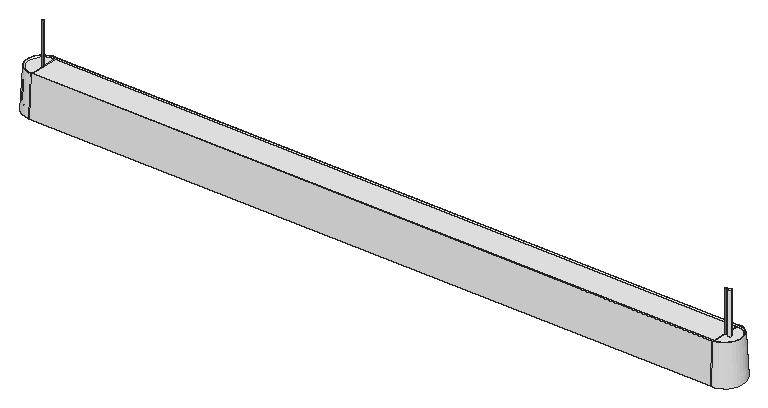
Revit family "Lighting_Pendants_Focus-Lighting_Pelee-Line_1800", category Lighting Fixtures, host Ceiling, Revit 2017
Family settings
  Host = Ceiling
  Round Connector Dimension = Use Diameter
  Part Type = Normal
  OmniClass Number = 23.80.70.11
  OmniClass Title = Luminaries for Internal Lighting
  Always vertical = Yes
  Cut with Voids When Loaded = No
  Light Source = Yes
  Shared = No
  Room Calculation Point = No
Parameters (values of type "Pelee line 1800mm 3000lm, 100% downwards")
  Weight = "Ca 7kg."
  Wattage = 20.1963 W
  WarrantyStartDate [instance] = "n/a"
  WarrantyGuarantorParts = "n/a"
  WarrantyGuarantorLabor = "n/a"
  WarrantyDurationUnit = "Years"
  WarrantyDurationParts = "n/a"
  WarrantyDurationLabor = "n/a"
  WarrantyDescription = "n/a"
  built-in parameter 1150110 = 1 (stored number, unit not read)
  VersionDate = "19/06/2019"  # constant formula
  Version = "1"  # constant formula
  UsageCurrent = 0 A
  Uniclass2015Reference = "Pr_70_70_48_86"
  Uniclass2015Description = "Suspended luminaires"
  Uniclass2 = "Pr_70_70_49_86"
  URL = "https://www.focus-lighting.dk/products/pel%C3%A9e-line/pel%C3%A9e-1800/"
  TotalWattage = 56 W
  built-in parameter 1114217 = 1 (stored number, unit not read)
  Tilt Angle = 90.00°
  built-in parameter 1150109 = 1 (stored number, unit not read)
  built-in parameter 1150134 = (empty or 0)
  TagNumber [instance] = "n/a"
  SustainabilityPerformance = "n/a"
  built-in parameter 1150113 = 1 (stored number, unit not read)
  Size = "1800x92x100 mm"
  Shape = "Sculptured"
  SerialNumber [instance] = "n/a"
  Revision = "n/a"
  ReplacementCost = "n/a"
  ProductInformation = "The inner conical circles of the Pelée luminaires contribute to a comfortable, non-glaring spread of light."
  ProductDatasheet = "https://www.focus-lighting.dk/media/244065/pelee_line_eng.pdf"
  Photometric Web File = "pelée Line 1800 930 9000lm 35-65 Prismatisk.IES"
  PhaseReference = "n/a"
  PhaseAngle = 0.00°
  NumberOfSources = 0
  NumberOfPoles = 1
  built-in parameter 1150142 = "IESNA:LM-63-2002\r\n[TEST] VFR-181116-0241-MS\r\n[TESTLAB] FocusLighting/PhotoFiler/2013.12.0.2/EULumdat 1\r\n[TESTDATE] 16 Nov 2018\r\n[ISSUEDATE] 16 Nov 2018\r\n[MANUFAC] FocusLighting/PhotoFiler/2013.12.0.2/EULumdat 1\r\n[LUMCAT] Pelée Line 1800 930 9000lm 35-65 Prismatic\r\n[LUMINAIRE] Pelée Line 1800 930 9000lm 35-65 Prismatic\r\n[FLASHAREA] 0.030143\r\n[LAMPCAT] LED\r\n[LAMP] LED\r\nTILT=NONE\r\n1 9000.00 1.0 37 10 1 2 0.070 1.780 0.000\r\n1.00 1.00 76.80\r\n0.00 5.00 10.00 15.00 20.00 25.00 30.00 35.00 40.00 45.00 \r\n50.00 55.00 60.00 65.00 70.00 75.00 80.00 85.00 90.00 \r\n95.00 100.00 105.00 110.00 115.00 120.00 125.00 130.00 \r\n135.00 140.00 145.00 150.00 155.00 160.00 165.00 170.00 \r\n175.00 180.00 \r\n0.00 10.00 20.00 30.00 40.00 50.00 60.00 70.00 80.00 \r\n90.00 \r\n2221.02 2209.59 2177.64 2121.12 2038.23 1926.27 1793.07 \r\n1630.35 1424.25 1125.27 815.24 608.76 457.53 346.68 \r\n269.32 206.49 143.69 69.94 18.35 33.95 85.43 151.87 \r\n222.42 294.77 369.48 442.58 513.37 580.44 645.51 707.47 \r\n769.10 822.16 861.79 895.19 924.03 940.77 945.54 \r\n2221.02 2209.68 2176.29 2119.14 2034.27 1922.49 1787.49 \r\n1626.48 1416.96 1122.21 823.28 608.40 454.01 346.26 \r\n278.15 213.37 141.53 54.90 27.39 34.57 86.41 151.60 \r\n221.99 293.83 367.16 438.98 509.26 578.22 644.02 705.66 \r\n765.74 819.47 861.97 895.54 922.23 939.24 945.54 \r\n2221.02 2210.76 2176.47 2117.34 2030.76 1917.81 1779.39 \r\n1614.69 1409.31 1121.58 819.44 600.68 453.05 345.71 \r\n265.12 190.75 109.44 31.37 15.19 36.80 87.67 151.51 \r\n221.98 293.23 364.81 436.68 507.04 575.64 641.03 703.03 \r\n761.84 815.00 858.68 892.63 920.79 939.24 945.54 \r\n2221.02 2209.41 2174.13 2112.48 2023.92 1908.09 1767.42 \r\n1601.19 1396.89 1115.01 817.01 597.44 447.93 335.19 \r\n244.90 164.45 79.98 22.26 14.91 33.35 85.04 147.65 217.36 \r\n288.72 360.21 432.03 501.64 570.02 636.18 699.15 756.56 \r\n809.67 856.35 892.23 920.16 938.88 945.54 \r\n2221.02 2209.68 2173.23 2108.97 2016.99 1897.20 1752.66 \r\n1585.98 1383.48 1102.59 808.16 582.58 421.98 307.06 \r\n217.58 135.68 59.73 19.06 11.44 33.45 82.68 144.43 211.86 \r\n283.37 355.57 425.54 495.41 564.00 630.41 693.78 753.25 \r\n806.56 852.79 890.41 919.80 939.96 945.54 \r\n2221.02 2208.33 2169.45 2103.39 2007.27 1884.69 1738.08 \r\n1569.69 1364.94 1075.86 781.58 563.82 402.17 282.91 \r\n194.43 115.02 46.64 17.32 12.88 29.91 78.90 139.80 206.59 \r\n275.68 347.89 420.04 488.34 557.05 624.73 689.15 748.61 \r\n802.67 850.18 889.43 919.35 938.88 945.54 \r\n2221.02 2206.62 2166.48 2096.82 1998.09 1872.36 1723.59 \r\n1553.31 1342.35 1045.35 753.92 544.32 387.88 268.10 \r\n176.21 100.26 42.22 16.08 10.49 29.83 76.71 136.03 201.36 \r\n269.82 340.23 412.15 482.12 550.22 618.43 683.35 744.27 \r\n799.50 847.04 886.79 917.28 938.25 945.54 \r\n2221.02 2206.35 2164.05 2092.86 1991.07 1862.01 1712.25 \r\n1539.72 1320.48 1024.11 736.66 522.36 364.61 250.36 \r\n163.85 89.48 37.54 15.93 11.71 26.83 72.73 131.71 196.52 \r\n264.81 335.26 407.02 477.33 545.68 613.77 679.00 740.50 \r\n796.69 846.12 886.70 916.74 937.53 945.54 \r\n2221.02 2207.43 2164.05 2090.88 1988.28 1858.50 1705.50 \r\n1529.01 1307.34 1016.10 721.88 505.34 351.55 240.03 \r\n156.13 84.37 36.41 15.31 5.45 28.11 71.10 129.70 194.17 \r\n262.18 332.70 403.13 473.89 543.78 611.31 677.50 739.66 \r\n795.79 844.95 886.09 916.65 937.08 945.54 \r\n2221.02 2205.45 2163.69 2090.79 1987.38 1856.43 1702.80 \r\n1524.96 1301.31 1011.96 713.69 496.52 346.95 239.43 \r\n155.67 83.42 35.27 15.95 7.15 24.63 69.60 127.53 192.28 \r\n260.63 331.21 401.76 471.96 541.53 609.30 676.30 737.89 \r\n795.44 846.34 886.44 917.01 937.53 945.54 \r\n"
  NominalWidth = 1800 mm
  NominalVoltageCalc = 230 V
  NominalVoltage = 230 V
  NominalHeight = 100 mm
  NominalFrequencyRange = 50 Hz
  NominalDepth = 92 mm
  NominalCurrent = 0 A
  Name = "Pelee-Line_1800"
  NBSReference = "90-60-50/405"
  NBSDescription = "General purpose luminaires"
  ModelReference = ArticleNumber  # "5801-"
  ModelNumber = "n/a"
  Model = "Pelee line 1800mm 3000lm, 100% downwards"
  Material = "Cast aluminium & acrylate"
  ManufacturersSpecificInformation = "n/a"
  ManufacturerURL = "http://www.focus-lighting.dk/home/"
  ManufacturerName = "Focus lighting"
  Manufacturer = "Focus lighting"
  MaintenanceFactor = 0
  Lumens = 3000 lm
  built-in parameter 1150115 = 1 (stored number, unit not read)
  built-in parameter 1150105 = 238.73 (stored number, unit not read)
  LightingProtectionClassification = "Class I"
  LightFixtureTertiaryMaterial = Steel
  LightFixtureSecondaryMaterial = Cable white
  LightFixturePlacingType = "Ceiling"
  LightFixtureMountingType = "Pendant installation"
  LightFixtureMainMaterial [instance] = Die cast aluminum white
  built-in parameter 1150137 = (empty or 0)
  built-in parameter 1150139 = (empty or 0)
  LensMaterial = Microprismatic acrylate
  built-in parameter 1150112 = 1 (stored number, unit not read)
  built-in parameter 1150114 = 1 (stored number, unit not read)
  LED lifetime = "Min 50.000 timer, L80B10"
  InsulationStandardClass = "n/a"
  InstallationDate [instance] = "n/a"
  built-in parameter 1150132 = 2
  built-in parameter 1150102 = (empty or 0)
  built-in parameter 1150138 = (empty or 0)
  built-in parameter 1150107 = 2700 (stored number, unit not read)
  built-in parameter 1150106 = 2.3873 (stored number, unit not read)
  IfcExportType = "NOTDEFINED"  # constant formula
  IfcExportAs = "IfcLightFixtureType"  # constant formula
  IP_Code = "IP 20"
  HasProtectiveEarth = yes
  Grade = "n/a"
  Finish = "Body: cast aluminium powder coated white RAL 9010, silver grey MW300D, black Noir 900, corten brown YX355F; Downward shade: microprismatic acrylate; Upward shade: opalised acrylate."
  Features = "Lead 3m white PKLJ; Suspension 2x2 m steel wire, 1.2mm; Colour temperature 2700, 3000, or 4000 Kelvin."
  ExpectedLife = "50.000"
  Emit from Rectangle Width = 50 mm
  Emit from Rectangle Length = NominalWidth - 80 mm  # 1720 mm
  Emit Shape Visible in Rendering = no
  ElectricalDeviceNominalPower = 0
  built-in parameter 1150104 = 13.8 (stored number, unit not read)
  DurationUnit = "Hours"
  Driver = "Dali control"
  Dimming Lamp Color Temperature Shift = <None>
  Description = "The inner conical circles of the Pelée luminaires contribute to a comfortable, non-glaring spread of light. The family comprises luminaires to be recessed, surface-mounted, or suspended. Pelée Line is available in various lengths up to six metres. The light is directed down and upwards - see the distribution in the specification below."
  DefaultElevation = 0 mm
  ConvergoRefNr = "0154-1901-0001-DK"
  Constituents = "n/a"
  ColorTolerance = "3 steps SDCM"
  ColorRenderingIndex = "Min 90 Ra"
  Color Filter = 16777215
  Color = "Various"
  Collection = "Pelee Line"
  CodePerformance = "n/a"
  Category = "Indoor"
  CableLengthControl [instance] = if(CableLength < 100 mm, 100 mm, if(CableLength > 2000 mm, 2000 mm, CableLength))  # 100 mm
  CableLength [instance] = 100 mm
  Brand = "Focus lighting"
  Barcode [instance] = "n/a"
  built-in parameter 1114218 = 1 (stored number, unit not read)
  BIMObjectName = "Lighting_Pendants_Focus-Lighting_Pelee-Line_1800"
  Author = "Convergo AB"  # constant formula
  built-in parameter 1150133 = 10 (stored number, unit not read)
  AssetType = "Fixed"
  AssetIdentifier [instance] = "n/a"
  ArticleNumber = "5801-"
  AccessibilityPerformance = "n/a"
Types (9, lengths in mm): name | Wattage | TotalWattage | ModelReference | Model | Lumens | built-in parameter 1150105 | built-in parameter 1150106 | ArticleNumber
  Pelee line 1800mm 3000lm, 100% downwards | 20.1963 W | 56 W | "5801-" | "Pelee line 1800mm 3000lm, 100% downwards" | 3000 lm | 238.73 (stored number, unit not read) | 2.3873 (stored number, unit not read) | "5801-"
  Pelee line 1800mm 4500lm, 100% downwards | 30.2945 W | 56 W | "5802-" | "Pelee line 1800mm 4500lm, 100% downwards" | 4500 lm | 1110.5 (stored number, unit not read) | 11.105 (stored number, unit not read) | "5802-"
  Pelee line 1800mm 6000lm, 100% downwards | 40.3926 W | 56 W | "5803-" | "Pelee line 1800mm 6000lm, 100% downwards" | 6000 lm | 1480.7 (stored number, unit not read) | 14.807 (stored number, unit not read) | "5803-"
  Pelee line 1800mm 7500lm, 35/65 up/down | 50.4908 W | 84 W | "5804-" | "Pelee line 1800mm 7500lm, 35/65 up/down" | 7500 lm | 1850.8 (stored number, unit not read) | 18.508 (stored number, unit not read) | "5804-"
  Pelee line 1800mm 9000lm, 35/65 up/down | 60.5889 W | 84 W | "5805-" | "Pelee line 1800mm 9000lm, 35/65 up/down" | 9000 lm | 2221 (stored number, unit not read) | 22.21 (stored number, unit not read) | "5805-"
  Pelee line 1800mm 6000lm, 50/50 up/down | 40.3926 W | 84 W | "5806-" | "Pelee line 1800mm 6000lm, 50/50 up/down" | 6000 lm | 1480.7 (stored number, unit not read) | 14.807 (stored number, unit not read) | "5806-"
  Pelee line 1800mm 9000lm, 50/50 up/down | 60.5889 W | 84 W | "5807-" | "Pelee line 1800mm 9000lm, 50/50 up/down" | 9000 lm | 2221 (stored number, unit not read) | 22.21 (stored number, unit not read) | "5807-"
  Pelee line 1800mm 7500lm, 65/35 up/down | 50.4908 W | 84 W | "5808-" | "Pelee line 1800mm 7500lm, 65/35 up/down" | 7500 lm | 1850.8 (stored number, unit not read) | 18.508 (stored number, unit not read) | "5808-"
  Pelee line 1800mm 9000lm, 65/35 up/down | 60.5889 W | 84 W | "5809-" | "Pelee line 1800mm 9000lm, 65/35 up/down" | 9000 lm | 2221 (stored number, unit not read) | 22.21 (stored number, unit not read) | "5809-"
Reference planes
  plane 1 "Light Source Axis (F/B)": y = 0
  plane 2: z = 0
  plane 3 "Light Source Axis (L/R)": x = 0
  plane 4 "Ceiling": z = 4000
  plane 5 "Light Source Elevation": z = 3800
  plane 6: x = -900
  plane 7: y = 46
  plane 8: x = 900
  plane 9: y = -46
  plane 10: z = 3800
  plane 11: z = 3900
Dimensions and locks
  equal spacing: host sketch curve, plane 3 "Light Source Axis (L/R)", host sketch curve
  equal spacing: host sketch curve, plane 1 "Light Source Axis (F/B)", host sketch curve
  host sketch curve to host sketch curve = 4000 mm  (x2)
  locked: plane 4 "Ceiling" to host ceiling at 0
  equal spacing: plane 7, plane 1 "Light Source Axis (F/B)", plane 9
  "NominalDepth": plane 7 to plane 9
  equal spacing: plane 6, plane 3 "Light Source Axis (L/R)", plane 8
  "NominalWidth": plane 6 to plane 8
  plane 2 to plane 4 "Ceiling" = 4000 mm
  "NominalHeight": plane 10 to plane 11
  "CableLengthControl": plane 11 to plane 4 "Ceiling"
  aligned and locked: plane 5 "Light Source Elevation" to imposter light
  aligned and locked: plane 1 "Light Source Axis (F/B)" to nested 1
  aligned and locked: plane 5 "Light Source Elevation" to plane 10
  aligned and locked: nested 1 to plane 10
Nested families
  nested 1: "Pelee" at (0, 0, 3800), CableLength <- "CableLengthControl", Body <- "LightFixtureMainMaterial", Lens <- "LensMaterial", PowerCable <- "LightFixtureSecondaryMaterial", MetalCable <- "LightFixtureTertiaryMaterial", ControlWidth <- "NominalWidth", type "Pelee"
    with PowerCable Cable white, MetalCable Steel, Lens Microprismatic acrylate, ControlWidth 1800 mm, CableLength 100 mm, Body Die cast aluminum white
Connectors
  electrical at (866.028, 0, 4000), driven by "NominalVoltage"
    settings: on nested 1, index 1, voltage 230 V, apparent load 0 VA, apparent load phase1 0 VA, apparent load phase2 0 VA, apparent load phase3 0 VA, power factor 1, load classification "Other", number of poles 1, system type 31, power factor state 1, is connector primary yes, connector utility no, sub classification motor no, connector description ""
Definition of nested family "Pelee"
  Parameters (values of type "Pelee")
    MetalCable [instance] = none
    Lens [instance] = none
    ControlWidth [instance] = 1800 mm
    CableLength [instance] = 200 mm
    PowerCable [instance] = none
    Body [instance] = none
  Reference planes
    plane 1 "Center (Front/Back)": y = 0
    plane 2: z = 0
    plane 3 "Center (Left/Right)": x = 0
    plane 4: x = -900
    plane 5: x = 900
    plane 6: y = 46
    plane 7: y = -46
    plane 8: z = 100
  Forms (mm)
    Extrusion 1, solid, material <- "Body", detail levels medium+fine
      sketch origin (0, 0, 0) x (0, 1, 0) y (0, 0, 1)
        loop
          arc (45.296, 0) -> (45.477, 50.11) -> (40.782, 100) r 514.598
          line (40.782, 100) -> (39, 100) -> (36.934, 97.934) -> (-36.934, 97.934) -> (-39, 100) -> (-40.782, 100)
          arc (-40.782, 100) -> (-45.477, 50.11) -> (-45.296, 0) r 514.598
          line (-45.296, 0) -> (-43.995, 0) -> (-43.4, 2.801) -> (-41.865, 2.966) -> (-41.262, 5.801) -> (-39.727, 5.966) -> (-39.125, 8.801) -> (-37.59, 8.966) -> (-36.987, 11.801) -> (-35.452, 11.966) -> (-34.849, 14.801) -> (-33.314, 14.966) -> (-32.738, 17.676) -> (-37.453, 17.676)
          arc (-37.453, 17.676) -> (-39.119, 19.342) -> (-37.453, 21.008) r 1.666
          line (-37.453, 21.008) -> (-42.498, 23.137)
          arc (-42.498, 23.137) -> (-41.28, 55.057) -> (-38.043, 86.835) r 504.288
          line (-38.043, 86.835) -> (38.043, 86.835)
          arc (38.043, 86.835) -> (41.28, 55.057) -> (42.498, 23.137) r 504.288
          line (42.498, 23.137) -> (37.453, 21.008)
          arc (37.453, 21.008) -> (39.119, 19.342) -> (37.453, 17.676) r 1.666
          line (37.453, 17.676) -> (32.738, 17.676) -> (33.314, 14.966) -> (34.849, 14.801) -> (35.452, 11.966) -> (36.987, 11.801) -> (37.59, 8.966) -> (39.125, 8.801) -> (39.727, 5.966) -> (41.262, 5.801) -> (41.865, 2.966) -> (43.4, 2.801) -> (43.995, 0) -> (45.296, 0)
      from -854 to 854
    Revolve 2, solid, material <- "Body", detail levels medium+fine
      sketch origin (854, 0, 0) x (0, 1, 0) y (0, 0, 1)
        loop
          arc (45.296, 0) -> (45.477, 50.11) -> (40.782, 100) r 514.598
          line (40.782, 100) -> (39, 100) -> (36.934, 97.934) -> (0, 97.934) -> (0, 86.835) -> (38.043, 86.835)
          arc (38.043, 86.835) -> (41.28, 55.057) -> (42.498, 23.137) r 504.288
          line (42.498, 23.137) -> (37.453, 21.008)
          arc (37.453, 21.008) -> (39.119, 19.342) -> (37.453, 17.676) r 1.666
          line (37.453, 17.676) -> (32.738, 17.676) -> (33.314, 14.966) -> (34.849, 14.801) -> (35.452, 11.966) -> (36.987, 11.801) -> (37.59, 8.966) -> (39.125, 8.801) -> (39.727, 5.966) -> (41.262, 5.801) -> (41.865, 2.966) -> (43.4, 2.801) -> (43.995, 0) -> (45.296, 0)
        axis (0, 100) -> (0, 0)
      angle from 0 to -180
    Revolve 3, solid, material <- "Body", detail levels medium+fine
      sketch origin (-854, 0, 0) x (0, 1, 0) y (0, 0, 1)
        loop
          line (-45.296, 0) -> (-43.995, 0) -> (-43.4, 2.801) -> (-41.865, 2.966) -> (-41.262, 5.801) -> (-39.727, 5.966) -> (-39.125, 8.801) -> (-37.59, 8.966) -> (-36.987, 11.801) -> (-35.452, 11.966) -> (-34.849, 14.801) -> (-33.314, 14.966) -> (-32.738, 17.676) -> (-37.453, 17.676)
          arc (-37.453, 17.676) -> (-39.119, 19.342) -> (-37.453, 21.008) r 1.666
          line (-37.453, 21.008) -> (-42.498, 23.137)
          arc (-42.498, 23.137) -> (-41.28, 55.057) -> (-38.043, 86.835) r 504.288
          line (-38.043, 86.835) -> (0, 86.835) -> (0, 97.934) -> (-36.934, 97.934) -> (-39, 100) -> (-40.782, 100)
          arc (-40.782, 100) -> (-45.477, 50.11) -> (-45.296, 0) r 514.598
        axis (0, 100) -> (0, 0)
      angle from 0 to 180
    Extrusion 4, solid, material <- "Lens", detail levels medium+fine
      sketch origin (0, 0, 0) x (1, 0, 0) y (0, 1, 0)
        loop
          line (849.728, 35.738) -> (-850.022, 35.738)
          arc (-850.022, 35.738) -> (-885.76, 0) -> (-850.022, -35.738) r 35.738
          line (-850.022, -35.738) -> (849.728, -35.738)
          arc (849.728, -35.738) -> (885.466, 0) -> (849.728, 35.738) r 35.738
      from 17.999 to 20.5
    Extrusion 5, solid, material <- "MetalCable", detail levels medium+fine
      sketch origin (-733.254, -1524, 100) x (-1, 0, 0) y (0, -1, 0)
        loop
          circle (121.746, -1524) r 2
        loop
          circle (-1588.254, -1524) r 2
      from -2.066 to 200 <- "CableLength"
    Extrusion 6, solid, material <- "PowerCable", detail levels medium+fine
      sketch origin (-733.254, -1524, 100) x (-1, 0, 0) y (0, -1, 0)
        loop
          circle (-1599.282, -1524) r 4
      from -3 to 200 <- "CableLength"
    Extrusion 7, solid, material <- "Body", detail levels coarse
      sketch origin (-733.254, -1524, 100) x (-1, 0, 0) y (0, -1, 0)
        loop
          line (166.746, -1570) -> (166.746, -1478) -> (-1633.254, -1478) -> (-1633.254, -1570) -> (166.746, -1570)
      from -100 to 200 <- "CableLength"
  Lines and regions (mm)
    symbolic lines, detail levels medium+fine
      curve 1: line (0, 45.296, 0) -> (0, -45.296, 0)
      curve 2: line (0, 40.782, 100) -> (0, 4, 100)
      curve 3: arc (0, 45.296, 0) -> (0, 45.477, 50.11) -> (0, 40.782, 100) r 514.598
      curve 4: arc (0, -40.782, 100) -> (0, -45.477, 50.11) -> (0, -45.296, 0) r 514.598
      curve 5: line (0, 4, 300) -> (0, 4, 100)
      curve 6: line (0, 4, 300) -> (0, -4, 300)
      curve 7: line (0, -4, 300) -> (0, -4, 100)
      curve 9: line (0, -4, 100) -> (0, -40.782, 100)
      curve 10: arc (-899.296, 0, 0) -> (-899.477, 0, 50.11) -> (-894.782, 0, 100) r 514.598
      curve 11: line (-894.782, 0, 100) -> (-857, 0, 100)
      curve 12: line (-899.296, 0, 0) -> (897.631, 0, 0)
      curve 13: arc (897.631, 0, 0) -> (897.747, 0, 50.044) -> (894.782, 0, 100) r 812.674
      curve 14: line (-853, 0, 300) -> (-857, 0, 300)
      curve 15: line (857, 0, 300) -> (853, 0, 300)
      curve 16: line (870.028, 0, 300) -> (862.028, 0, 300)
      curve 17: line (-857, 0, 300) -> (-857, 0, 100)
      curve 18: line (-853, 0, 300) -> (-853, 0, 100)
      curve 19: line (853, 0, 300) -> (853, 0, 100)
      curve 20: line (857, 0, 300) -> (857, 0, 100)
      curve 21: line (862.028, 0, 300) -> (862.028, 0, 100)
      curve 22: line (870.028, 0, 300) -> (870.028, 0, 100)
      curve 24: line (857, 0, 100) -> (862.028, 0, 100)
      curve 26: line (870.028, 0, 100) -> (894.782, 0, 100)
      curve 28: line (-853, 0, 100) -> (853, 0, 100)
      curve 29: arc (-854, 45.996, 100) -> (-899.996, 0, 100) -> (-854, -45.996, 100) r 45.996
      curve 30: line (854, 45.996, 100) -> (-854, 45.996, 100)
      curve 31: line (854, -45.996, 100) -> (-854, -45.996, 100)
      curve 32: arc (854, -45.996, 100) -> (899.996, 0, 100) -> (854, 45.996, 100) r 45.996
    symbolic lines, detail levels fine
      curve 8: line (0, 4, 100) -> (0, -4, 100)
      curve 23: line (853, 0, 100) -> (857, 0, 100)
      curve 25: line (862.028, 0, 100) -> (870.028, 0, 100)
      curve 27: line (-857, 0, 100) -> (-853, 0, 100)
      curve 33: arc (-854, 32.738, 100) -> (-886.738, 0, 100) -> (-854, -32.738, 100) r 32.738
      curve 34: line (854, 32.738, 100) -> (-854, 32.738, 100)
      curve 35: line (854, -32.738, 100) -> (-854, -32.738, 100)
      curve 36: arc (854, -32.738, 100) -> (886.738, 0, 100) -> (854, 32.738, 100) r 32.738
  Dimensions and locks
    equal spacing: plane 6, plane 1 "Center (Front/Back)", plane 7
    plane 6 to plane 1 "Center (Front/Back)" = 46 mm
    equal spacing: plane 4, plane 3 "Center (Left/Right)", plane 5
    locked: Extrusion 1 to plane 4 at 46
    locked: plane 5 to Extrusion 1 at 46
    locked: plane 4 to Extrusion 5 sketch curve at 45
    locked: Extrusion 5 sketch curve to plane 5 at 45
    "ControlWidth": plane 4 to plane 5
    aligned and locked: level to plane 2
    aligned and locked: curve 6 to Extrusion 6
    aligned and locked: Extrusion 5 to curve 14
    aligned and locked: curve 15 to Extrusion 5
    aligned and locked: curve 16 to Extrusion 6
    aligned and locked: Extrusion 7 sketch curve to plane 6
    aligned and locked: plane 4 to Extrusion 7 sketch curve
    aligned and locked: Extrusion 7 sketch curve to plane 7
    aligned and locked: Extrusion 7 sketch curve to plane 5
  Automatic sketch dimensions
    curve 4 to level = 0 mm
    curve 9 to plane 8 = 0 mm
    level to curve 3 = 26.904 mm
    curve 3 to plane 7 = 422.598 mm
    plane 7 to curve 1 = 0.704 mm
    plane 1 "Center (Front/Back)" to curve 9 = 40.782 mm
    plane 1 "Center (Front/Back)" to curve 9 = 4 mm
    curve 5 to plane 1 "Center (Front/Back)" = 4 mm
    curve 2 to plane 6 = 5.218 mm
    level to curve 4 = 26.904 mm
    curve 10 to level = 0 mm
    curve 11 to plane 8 = 0 mm
    plane 4 to curve 12 = 0.704 mm
    plane 4 to curve 11 = 5.218 mm
    plane 4 to curve 14 = 43 mm
    curve 11 to curve 18 = 4 mm
    level to curve 10 = 26.904 mm
    level to curve 13 = 26.904 mm
    plane 3 "Center (Left/Right)" to curve 13 = 85.402 mm
    curve 28 to plane 5 = 47 mm
    curve 19 to curve 20 = 4 mm
    curve 20 to curve 24 = 5.028 mm
    curve 21 to curve 22 = 8 mm
    curve 26 to plane 5 = 5.218 mm
    Extrusion 1 sketch curve to level = 0 mm  (x2)
    Extrusion 1 sketch curve to plane 8 = 0 mm  (x2)
    level to Extrusion 1 sketch curve = 26.904 mm
    Extrusion 1 sketch curve to plane 7 = 422.598 mm
    Extrusion 1 sketch curve to Extrusion 1 sketch curve = 6.819 mm  (x2)
    plane 7 to Extrusion 1 sketch curve = 0.704 mm
    Extrusion 1 sketch curve to Extrusion 1 sketch curve = 1.301 mm  (x2)
    plane 7 to Extrusion 1 sketch curve = 2.6 mm
    plane 7 to Extrusion 1 sketch curve = 3.502 mm
    Extrusion 1 sketch curve to Extrusion 1 sketch curve = 1.535 mm  (x10)
    Extrusion 1 sketch curve to Extrusion 1 sketch curve = 0.603 mm  (x8)
    plane 1 "Center (Front/Back)" to Extrusion 1 sketch curve = 40.782 mm
    Extrusion 1 sketch curve to Extrusion 1 sketch curve = 1.782 mm  (x2)
    plane 7 to Extrusion 1 sketch curve = 7.957 mm
    Extrusion 1 sketch curve to Extrusion 1 sketch curve = 5.045 mm
    Extrusion 1 sketch curve to plane 8 = 2.066 mm
    Extrusion 1 sketch curve to Extrusion 1 sketch curve = 2.066 mm  (x2)
    Extrusion 1 sketch curve to Extrusion 1 sketch curve = 0.576 mm  (x2)
    Extrusion 1 sketch curve to plane 6 = 13.262 mm
    Extrusion 1 sketch curve to plane 6 = 9.066 mm
    Extrusion 1 sketch curve to Extrusion 1 sketch curve = 4.715 mm
    Extrusion 1 sketch curve to plane 6 = 7.957 mm
    Extrusion 1 sketch curve to plane 6 = 3.502 mm
    level to Extrusion 1 sketch curve = 19.879 mm
    plane 6 to Extrusion 1 sketch curve = 415.779 mm
    level to Extrusion 1 sketch curve = 2.801 mm  (x2)
    Extrusion 1 sketch curve to Extrusion 1 sketch curve = 0.165 mm  (x10)
    Extrusion 1 sketch curve to Extrusion 1 sketch curve = 2.835 mm  (x8)
    Extrusion 1 sketch curve to Extrusion 1 sketch curve = 2.71 mm
    Extrusion 1 sketch curve to Extrusion 1 sketch curve = 2.875 mm
    Extrusion 1 sketch curve to Extrusion 1 sketch curve = 1.666 mm  (x2)
    Extrusion 1 sketch curve to Extrusion 1 sketch curve = 7.025 mm
    Extrusion 1 sketch curve to Extrusion 1 sketch curve = 2.128 mm
    Extrusion 1 to Revolve 2 sketch curve = 0 mm  (x14)
    Revolve 2 sketch curve to Extrusion 1 = 0 mm  (x16)
    Revolve 2 sketch curve to Revolve 2 sketch curve = 38.043 mm
    Extrusion 1 to Revolve 2 sketch curve = 3.332 mm
    Revolve 2 sketch curve to Revolve 2 sketch curve = 32.738 mm
    Revolve 3 sketch curve to Extrusion 1 = 0 mm  (x28)
    Extrusion 1 to Revolve 3 sketch curve = 0 mm
    Revolve 3 sketch curve to Revolve 3 sketch curve = 38.043 mm
    Revolve 3 sketch curve to Revolve 3 sketch curve = 0 mm
    Revolve 3 sketch curve to Extrusion 1 = 21.835 mm
    Revolve 3 sketch curve to Revolve 3 sketch curve = 10 mm
    plane 1 "Center (Front/Back)" to Extrusion 4 sketch curve = 0 mm
    plane 4 to Extrusion 4 sketch curve = 49.978 mm
    Extrusion 4 sketch curve to plane 5 = 50.272 mm
    plane 7 to Extrusion 4 sketch curve = 10.262 mm
    plane 1 "Center (Front/Back)" to Extrusion 5 sketch curve = 0 mm  (x2)
    plane 1 "Center (Front/Back)" to Extrusion 6 sketch curve = 0 mm
    Extrusion 6 sketch curve to plane 5 = 33.972 mm
    plane 1 "Center (Front/Back)" to curve 29 = 0 mm
    curve 30 to plane 6 = 0.004 mm
    plane 4 to curve 30 = 46 mm
    curve 31 to plane 5 = 46 mm
    curve 29 to curve 33 = 0 mm  (x2)
    curve 29 to curve 34 = 13.258 mm
    curve 35 to curve 31 = 0 mm
    radius of Revolve 2 sketch curve to Extrusion 1 = 0 mm  (x3)
    radius of Revolve 3 sketch curve to Extrusion 1 = 0 mm  (x3)
    radius of Extrusion 5 sketch curve = 2 mm  (x2)
    radius of Extrusion 6 sketch curve = 4 mm
